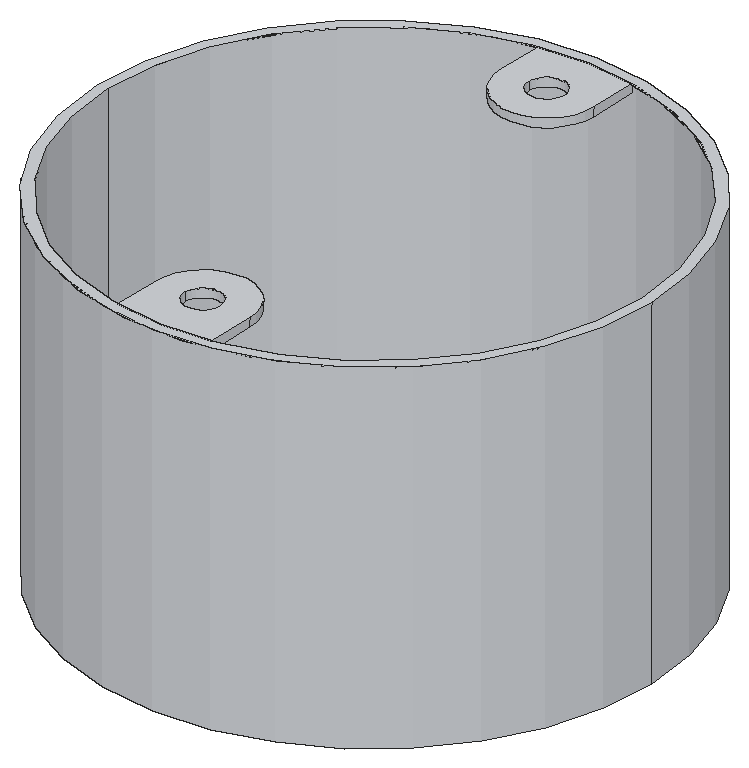
Revit family "SR40G", category Generic Models, Revit 2017
Family settings
  Can host rebar = No
  Round Connector Dimension = Use Diameter
  Part Type = Normal
  Work Plane-Based = Yes
  Always vertical = No
  Cut with Voids When Loaded = No
  Shared = No
  Room Calculation Point = No
Parameters (values of type "NBS Standard Parameters")
  Weight = "0.088Kg"
  WarrantyStartDate [instance] = "1900-12-31T23:59:59"
  WarrantyGuarantorParts = "n/a"
  WarrantyGuarantorLabor = "n/a"
  WarrantyDurationUnit = "1 year"
  WarrantyDurationParts = "n/a"
  WarrantyDurationLabor = "n/a"
  WarrantyDescription = "n/a"
  Version = "1"
  Uniclass2 = "Pr_65_70_11_20"
  TagNumber [instance] = "n/a"
  SustainabilityPerformance = "n/a"
  Size = "40mm"
  Shape = "Circular"
  SerialNumber [instance] = "n/a"
  Revision = "n/a"
  ReplacementCost = "n/a"
  ProductInformation = "www.metpro.co.uk/pdf/sr40g.pdf"
  NominalWidth = 65 mm
  NominalLength = 65 mm
  NominalHeight = 40 mm
  Name = ""
  NBSTypeID = ""
  NBSReference = "90-55-10/460"
  NBSOfficeMasterTag = ""
  NBSNote = ""
  NBSDescription = "Conduit Fittings"
  NBSCertification = ""
  ModelReference = "SR40G"
  ModelNumber = "n/a"
  Material = "Steel"
  ManufacturerURL = "www.metpro.co.uk"
  ManufacturerName = "Metpro Ltd"
  InstallationDate [instance] = "1900-12-31T23:59:59"
  IfcExportType = ""
  IfcExportAs = ""
  Grade = "n/a"
  Finish = "BZP"
  Features = "n/a"
  ExpectedLife = "n/a"
  DurationUnit = "year"
  Description = "SR40G -40mmExtension Ring"
  Default Elevation = 1219.2 mm
  Constituents = "n/a"
  Color = "n/a"
  CodePerformance = "n/a"
  Category = "n/a"
  BarCode [instance] = "n/a"
  BIMObjectName = "Metpro_metprolibrary_conduitfittings_metalcomponent_steelaccessories"
  Author = "Metpro Ltd"
  AssetType = ""
  AssetIdentifier [instance] = "n/a"
  AccessibilityPerformance = "n/a"
Reference planes
  plane 1 "Center (Front/Back)": y = 0
  plane 2: z = 0
  plane 3 "Center (Left/Right)": x = 0
Forms (mm)
  Extrusion 1, solid
    sketch origin (0, 0, 0) x (1, 0, 0) y (0, 1, 0)
      loop
        circle (0, 0) r 32.5
      loop
        circle (0, 0) r 31.25
    from 0 to 40
  Extrusion 2, solid
    sketch origin (0, 0, 40) x (1, 0, 0) y (0, 1, 0)
      loop
        arc (5.546, -25.174) -> (0.046, -19.674) -> (-5.454, -25.174) r 5.5
        line (-5.454, -25.174) -> (-5.454, -30.77)
        arc (-5.454, -30.77) -> (0.047, -31.25) -> (5.546, -30.754) r 31.25
        line (5.546, -30.754) -> (5.546, -25.174)
      loop
        circle (0, -25.2) r 2.1
      loop
        line (5.546, 25.174) -> (5.546, 30.754)
        arc (5.546, 30.754) -> (0.047, 31.25) -> (-5.454, 30.77) r 31.25
        line (-5.454, 30.77) -> (-5.454, 25.174)
        arc (-5.454, 25.174) -> (0.046, 19.674) -> (5.546, 25.174) r 5.5
      loop
        circle (0, 25.2) r 2.1
    from 0 to -1
  Extrusion 3, solid
    sketch origin (0, 0, 0) x (0, 1, 0) y (1, 0, 0)
      loop
        line (5.546, 25.174) -> (5.546, 30.754)
        arc (5.546, 30.754) -> (0.047, 31.25) -> (-5.454, 30.77) r 31.25
        line (-5.454, 30.77) -> (-5.454, 25.174)
        arc (-5.454, 25.174) -> (0.046, 19.674) -> (5.546, 25.174) r 5.5
      loop
        circle (0, 25.2) r 2.1
      loop
        arc (5.546, -25.174) -> (0.046, -19.674) -> (-5.454, -25.174) r 5.5
        line (-5.454, -25.174) -> (-5.454, -30.77)
        arc (-5.454, -30.77) -> (0.047, -31.25) -> (5.546, -30.754) r 31.25
        line (5.546, -30.754) -> (5.546, -25.174)
      loop
        circle (0, -25.2) r 2.1
    from 0 to -1
Dimensions and locks
  aligned and locked: level to plane 2
